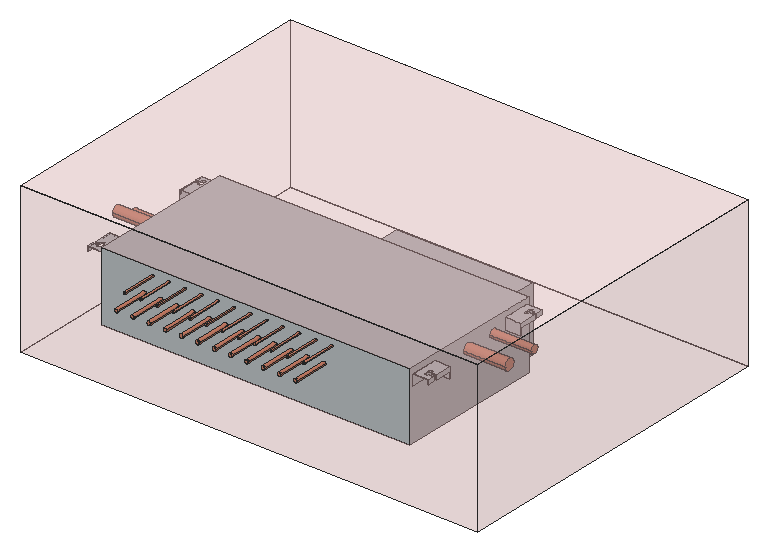
Revit family "CMB-M1012V-JA1(-TR)", category 機械設備, Revit 2016
Family settings
  ホスト = 天井
  パーツ タイプ = 標準
  丸型コネクタ寸法 = 半径を使用
  OmniClass 番号 = 23.75.00.00
  OmniClass タイトル = Climate Control (HVAC)
  常に垂直 = はい
  ロード時にボイドで切り取り = いいえ
  共有 = いいえ
  部屋の計算ポイント = いいえ
Parameters (values of type "CMB-M1012V-JA1(-TR)_240V_60Hz")
  説明 = "BC controller"
  製造元 = "Mitsubishi Electric Corporation"
  モデル = "CMB-M1012V-JA1(-TR)"
  Width = 1135.00 mm
  WarrantyStart = ""
  Voltage = 240 V
  Unit Weight (kg) = 60
  URL = "http://www.mitsubishielectric.com/"
  TagNumber = 0
  Subcategory = "HVAC"
  Space View = yes
  Sound Pressure Level (Rated operation) (dB(A)) = "50"
  Sound Pressure Level (Defrost) (dB(A)) = 56
  Sound Power Level (Rated operation) (dB(A)) = "68"
  Sound Power Level (Defrost) (dB(A)) = 74
  SerialNumber = 0
  ReplacementYear = ""
  Phase = 1
  Number of branch = 12
  InstallationDate = ""
  Indoor unit capacity connectable to 1 branch = "Model P/M80 or smaller\r\n(Use optional joint pipe combining 2 branches when the total unit capacity exceeds P/M81.)"
  Hertz = 60 Hz
  Height = 252.00 mm
  Heating Power Input (kW) = 0.09
  Heating Current (A) = 0.38
  External Finish = "Galvanized steel plate\r\n(Lower part drain pan: Pre-coated galvanized sheets + powder coating)"
  Equip_description = ""
  Equip_No. = 0
  Equip_ID = ""
  Drain pipe_radius = 16.00 mm
  Description = ""
  Depth = 622.00 mm
  CreatedOn = ""
  CreatedBy = ""
  Cooling Power Input (kW) = 0.186
  Cooling Current (A) = 0.78
  Connection pipe of outdoor/heat source unit to P850 to P900 (Low pressure)_radius = 20.64 mm
  Connection pipe of outdoor/heat source unit to P850 to P900 (High pressure)_radius = 14.29 mm
  Connection pipe of outdoor/heat source unit to P700 to P800 (Low pressure)_radius = 17.465 mm
  Connection pipe of outdoor/heat source unit to P700 to P800 (High pressure)_radius = 14.29 mm
  Connection pipe of outdoor/heat source unit to P650 (Low pressure)_radius = 14.29 mm
  Connection pipe of outdoor/heat source unit to P650 (High pressure)_radius = 14.29 mm
  Connection pipe of outdoor/heat source unit to P600 (Low pressure) radius = "14.29 or 17.465"
  Connection pipe of outdoor/heat source unit to P600 (High pressure) radius = "11.1 or 14.29"
  Connection pipe of outdoor/heat source unit to P550 (Low pressure)_radius = 14.29 mm
  Connection pipe of outdoor/heat source unit to P550 (High pressure) radius = "11.1 or 14.29"
  Connection pipe of outdoor/heat source unit to P400 to P500 (Low pressure)_radius = 14.29 mm
  Connection pipe of outdoor/heat source unit to P400 to P500 (High pressure)_radius = 11.10 mm
  Connection pipe of outdoor/heat source unit to P350 (Low pressure)_radius = 14.29 mm
  Connection pipe of outdoor/heat source unit to P350 (High pressure) radius = "9.525 or 11.1"
  Connection pipe of outdoor/heat source unit to P250/P300 (Low pressure)_radius = 11.10 mm
  Connection pipe of outdoor/heat source unit to P250/P300 (High pressure)_radius = 9.525 mm
  Connection pipe of outdoor/heat source unit to P200/M200 (Low pressure)_radius = 9.525 mm
  Connection pipe of outdoor/heat source unit to P200/M200 (High pressure)_radius = 7.94 mm
  Connection pipe of outdoor/heat source unit to M250/M300 (Low pressure)_radius = 11.10 mm
  Connection pipe of outdoor/heat source unit to M250/M300 (High pressure)_radius = 7.94 mm
  Connection pipe of other BC controller to P801 to P1000 (Low pressure Pipe)_radius = 20.64 mm
  Connection pipe of other BC controller to P801 to P1000 (Liquid Pipe)_radius = 9.525 mm
  Connection pipe of other BC controller to P801 to P1000 (High pressure Pipe)_radius = 14.29 mm
  Connection pipe of other BC controller to P651 to P800 (Low pressure Pipe)_radius = 17.465 mm
  Connection pipe of other BC controller to P651 to P800 (Liquid Pipe)_radius = 9.525 mm
  Connection pipe of other BC controller to P651 to P800 (High pressure Pipe)_radius = 14.29 mm
  Connection pipe of other BC controller to P601 to P650 (Low pressure Pipe)_radius = 14.29 mm
  Connection pipe of other BC controller to P601 to P650 (Liquid Pipe)_radius = 7.94 mm
  Connection pipe of other BC controller to P601 to P650 (High pressure Pipe)_radius = 14.29 mm
  Connection pipe of other BC controller to P401 to P600 (Low pressure Pipe)_radius = 14.29 mm
  Connection pipe of other BC controller to P401 to P600 (Liquid Pipe)_radius = 7.94 mm
  Connection pipe of other BC controller to P401 to P600 (High pressure Pipe)_radius = 11.10 mm
  Connection pipe of other BC controller to P351 to P400 (Low pressure Pipe)_radius = 14.29 mm
  Connection pipe of other BC controller to P351 to P400 (Liquid Pipe)_radius = 6.35 mm
  Connection pipe of other BC controller to P351 to P400 (High pressure Pipe)_radius = 11.10 mm
  Connection pipe of other BC controller to P301 to P350 (Low pressure Pipe)_radius = 14.29 mm
  Connection pipe of other BC controller to P301 to P350 (Liquid Pipe)_radius = 6.35 mm
  Connection pipe of other BC controller to P301 to P350 (High pressure Pipe)_radius = 9.525 mm
  Connection pipe of other BC controller to P201 to P300 (Low pressure Pipe)_radius = 11.10 mm
  Connection pipe of other BC controller to P201 to P300 (Liquid Pipe)_radius = 4.76 mm
  Connection pipe of other BC controller to P201 to P300 (High pressure Pipe)_radius = 9.525 mm
  Connection pipe of other BC controller to P200/M200 (Low pressure Pipe)_radius = 9.525 mm
  Connection pipe of other BC controller to P200/M200 (Liquid Pipe)_radius = 4.76 mm
  Connection pipe of other BC controller to P200/M200 (High pressure Pipe)_radius = 7.94 mm
  Connection pipe of other BC controller to P1001 ot above (High pressure Pipe)_radius = 17.465 mm
  Connection pipe of other BC controller to P1001 or above (Low pressure Pipe)_radius = 20.64 mm
  Connection pipe of other BC controller to P1001 or above (Liquid Pipe)_radius = 9.525 mm
  Connection pipe of other BC controller to M401 to M450 (Low pressure Pipe)_radius = 14.29 mm
  Connection pipe of other BC controller to M401 to M450 (Liquid Pipe)_radius = 7.94 mm
  Connection pipe of other BC controller to M401 to M450 (High pressure Pipe)_radius = 9.525 mm
  Connection pipe of other BC controller to M351 to M400 (Low pressure Pipe)_radius = 14.29 mm
  Connection pipe of other BC controller to M351 to M400 (Liquid Pipe)_radius = 6.35 mm
  Connection pipe of other BC controller to M351 to M400 (High pressure Pipe)_radius = 9.525 mm
  Connection pipe of other BC controller to M301 to M350 (Low pressure Pipe)_radius = 14.29 mm
  Connection pipe of other BC controller to M301 to M350 (Liquid Pipe)_radius = 6.35 mm
  Connection pipe of other BC controller to M301 to M350 (High pressure Pipe)_radius = 7.94 mm
  Connection pipe of other BC controller to M201 to M300 (Low pressure Pipe)_radius = 11.10 mm
  Connection pipe of other BC controller to M201 to M300 (Liquid Pipe)_radius = 4.76 mm
  Connection pipe of other BC controller to M201 to M300 (High pressure Pipe)_radius = 7.94 mm
  Connection pipe of indoor unit (Liquid Pipe)_radius (O.D.) = "Indoor unit Model 50 or smaller 3.175 Brazed\r\nbigger than 50 4.76 Brazed"
  Connection pipe of indoor unit (Gas Pipe)_radius (O.D.) = "Indoor unit Model 50 or smaller 6.35 Brazed\r\nbigger than 50 7.94 Brazed\r\n(9.525, 11.1 with optional joint pipe used.)"
  Connectable Outdoor/Heat source Unit Capacity = "P200 to P900/M200 to M300"
  Category = ""
  Barcode = ""
  AssetIdentifier = ""
Types (6, lengths in mm): name | Voltage | Hertz | Heating Power Input (kW) | Heating Current (A) | Cooling Power Input (kW) | Cooling Current (A)
  CMB-M1012V-JA1(-TR)_220V_50Hz | 220 V | 50 Hz | 0.09 | 0.42 | 0.186 | 0.85
  CMB-M1012V-JA1(-TR)_220V_60Hz | 220 V | 60 Hz | 0.072 | 0.33 | 0.15 | 0.69
  CMB-M1012V-JA1(-TR)_230V_50Hz | 230 V | 50 Hz | 0.102 | 0.44 | 0.211 | 0.92
  CMB-M1012V-JA1(-TR)_230V_60Hz | 230 V | 60 Hz | 0.081 | 0.36 | 0.168 | 0.74
  CMB-M1012V-JA1(-TR)_240V_50Hz | 240 V | 50 Hz | 0.114 | 0.48 | 0.236 | 0.99
  CMB-M1012V-JA1(-TR)_240V_60Hz | 240 V | 60 Hz | 0.09 | 0.38 | 0.186 | 0.78
Reference planes
  plane 1 "Center (Front/Back)": y = 0
  plane 2: z = 0
  plane 3 "Center (Left/Right)": x = 0
  plane 4 "Ceiling": z = 0
  plane 5: x = 18.001
  plane 6: x = -1461.999
  plane 7: y = -271.474
  plane 8: y = 272.5
  plane 9: y = -272.5
  plane 10: z = 452.005
  plane 11: z = 200.005
  plane 12: x = -567.5
  plane 13: x = 567.5
  plane 14 "attachment": z = 430.005
Forms (mm)
  Extrusion 1, solid, material "Plated steel"
    sketch origin (-719.999, 26, 4154.985) x (-1, 0, 0) y (0, -1, 0)
      loop
        line (-1287.499, 298.5) -> (-1287.499, -246.5) -> (-152.499, -246.5) -> (-152.499, 298.5) -> (-1287.499, 298.5)
    from -3954.98 to -3702.98
  Extrusion 2, solid, material "Plated steel"
    sketch origin (609.8, 1.043, 4125.43) x (-1, 0, 0) y (0, 0, 1)
      loop
        line (586.665, -3678.196) -> (88.3, -3678.196) -> (88.3, -3915.425) -> (586.665, -3915.425) -> (586.665, -3678.196)
    from 271.457 to 348.457
  Extrusion 3, solid, material "Copper"
    sketch origin (525.5, -272.5, 4151.796) x (-1, 0, 0) y (0, 0, -1)
      loop
        circle (905, 3724.791) r 3.175
    from 0 to 130
  Extrusion 4, solid, material "Copper"
    sketch origin (585.5, -272.5, 4151.796) x (-1, 0, 0) y (0, 0, -1)
      loop
        circle (905, 3724.791) r 3.175
    from 0 to 130
  Extrusion 5, solid, material "Copper"
    sketch origin (645.5, -272.5, 4151.796) x (-1, 0, 0) y (0, 0, -1)
      loop
        circle (905, 3724.791) r 3.175
    from 0 to 130
  Extrusion 6, solid, material "Copper"
    sketch origin (593.5, -272.5, 4151.796) x (-1, 0, 0) y (0, 0, -1)
      loop
        circle (793, 3724.791) r 3.175
    from 0 to 130
  Extrusion 7, solid, material "Copper"
    sketch origin (525.5, -272.5, 4151.796) x (-1, 0, 0) y (0, 0, -1)
      loop
        circle (935, 3792.791) r 6.35
    from 0 to 130
  Extrusion 8, solid, material "Copper"
    sketch origin (585.5, -272.5, 4151.796) x (-1, 0, 0) y (0, 0, -1)
      loop
        circle (935, 3792.791) r 6.35
    from 0 to 130
  Extrusion 9, solid, material "Copper"
    sketch origin (645.5, -272.5, 4151.796) x (-1, 0, 0) y (0, 0, -1)
      loop
        circle (935, 3792.791) r 6.35
    from 0 to 130
  Extrusion 10, solid, material "Copper"
    sketch origin (593.5, -272.5, 4151.796) x (-1, 0, 0) y (0, 0, -1)
      loop
        circle (823, 3792.791) r 6.35
    from 0 to 130
  Extrusion 11, solid, material "Copper"
    sketch origin (-567.5, 273, 4154.985) x (0, -1, 0) y (0, 0, 1)
      loop
        circle (281.5, -3749.98) r 19.05
    from 0 to 155
  Extrusion 12, solid, material "Copper"
    sketch origin (-567.5, 273, 4154.985) x (0, -1, 0) y (0, 0, 1)
      loop
        circle (203.5, -3793.98) r 17.465
    from 0 to 155
  Extrusion 13, solid
    sketch origin (-567.5, 273, 4154.985) x (0, -1, 0) y (0, 0, 1)
      loop
        circle (272.5, -3923.98) r 16
    from 0 to 20
  Extrusion 14, solid, material "Copper"
    sketch origin (653.5, -272.5, 4151.796) x (-1, 0, 0) y (0, 0, -1)
      loop
        circle (793, 3724.791) r 3.175
    from 0 to 130
  Extrusion 15, solid, material "Copper"
    sketch origin (653.5, -272.5, 4151.796) x (-1, 0, 0) y (0, 0, -1)
      loop
        circle (823, 3792.791) r 6.35
    from 0 to 130
  Extrusion 16, solid, material "Copper"
    sketch origin (713.5, -272.5, 4151.796) x (-1, 0, 0) y (0, 0, -1)
      loop
        circle (793, 3724.791) r 3.175
    from 0 to 130
  Extrusion 17, solid, material "Copper"
    sketch origin (713.5, -272.5, 4151.796) x (-1, 0, 0) y (0, 0, -1)
      loop
        circle (823, 3792.791) r 6.35
    from 0 to 130
  Extrusion 18, solid, material "Copper"
    sketch origin (773.5, -272.5, 4151.796) x (-1, 0, 0) y (0, 0, -1)
      loop
        circle (793, 3724.791) r 3.175
    from 0 to 130
  Extrusion 19, solid, material "Copper"
    sketch origin (773.5, -272.5, 4151.796) x (-1, 0, 0) y (0, 0, -1)
      loop
        circle (823, 3792.791) r 6.35
    from 0 to 130
  Extrusion 20, solid, material "Copper"
    sketch origin (833.5, -272.5, 4151.796) x (-1, 0, 0) y (0, 0, -1)
      loop
        circle (793, 3724.791) r 3.175
    from 0 to 130
  Extrusion 21, solid, material "Copper"
    sketch origin (833.5, -272.5, 4151.796) x (-1, 0, 0) y (0, 0, -1)
      loop
        circle (823, 3792.791) r 6.35
    from 0 to 130
  Extrusion 22, solid, material "Copper"
    sketch origin (893.5, -272.5, 4151.796) x (-1, 0, 0) y (0, 0, -1)
      loop
        circle (793, 3724.791) r 3.175
    from 0 to 130
  Extrusion 23, solid, material "Copper"
    sketch origin (893.5, -272.5, 4151.796) x (-1, 0, 0) y (0, 0, -1)
      loop
        circle (823, 3792.791) r 6.35
    from 0 to 130
  Extrusion 24, solid, material "Copper"
    sketch origin (953.5, -272.5, 4151.796) x (-1, 0, 0) y (0, 0, -1)
      loop
        circle (793, 3724.791) r 3.175
    from 0 to 130
  Extrusion 25, solid, material "Copper"
    sketch origin (953.5, -272.5, 4151.796) x (-1, 0, 0) y (0, 0, -1)
      loop
        circle (823, 3792.791) r 6.35
    from 0 to 130
  Extrusion 26, solid, material "Copper"
    sketch origin (1013.5, -272.5, 4151.796) x (-1, 0, 0) y (0, 0, -1)
      loop
        circle (793, 3724.791) r 3.175
    from 0 to 130
  Extrusion 27, solid, material "Copper"
    sketch origin (1013.5, -272.5, 4151.796) x (-1, 0, 0) y (0, 0, -1)
      loop
        circle (823, 3792.791) r 6.35
    from 0 to 130
  Extrusion 28, solid, material "Copper"
    sketch origin (1073.5, -272.5, 4151.796) x (-1, 0, 0) y (0, 0, -1)
      loop
        circle (793, 3724.791) r 3.175
    from 0 to 130
  Extrusion 29, solid, material "Copper"
    sketch origin (1073.5, -272.5, 4151.796) x (-1, 0, 0) y (0, 0, -1)
      loop
        circle (823, 3792.791) r 6.35
    from 0 to 130
  Extrusion 30, solid, material "Copper"
    sketch origin (567.5, 273, 4154.985) x (0, -1, 0) y (0, 0, -1)
      loop
        circle (281.5, 3749.98) r 19.05
    from 0 to 155
  Extrusion 31, solid, material "Copper"
    sketch origin (567.5, 273, 4154.985) x (0, -1, 0) y (0, 0, -1)
      loop
        circle (166.5, 3749.98) r 14.29
    from 0 to 155
  Extrusion 32, solid, material "Copper"
    sketch origin (567.5, 273, 4154.985) x (0, -1, 0) y (0, 0, -1)
      loop
        circle (220.5, 3799.98) r 9.525
    from 0 to 80
  Extrusion 33, solid, material "Service space", visible <- "Space View"
    sketch origin (-522.645, 0, 0) x (1, 0, 0) y (0, 1, 0)
      loop
        line (-344.855, -272.5) -> (1340.145, -272.5) -> (1340.145, 972.5) -> (-344.855, 972.5) -> (-344.855, -272.5)
    from 0 to 552
Lines and regions (mm)
  model lines, visible <- "Space View"
    curve 1: line (224.5, 972.5, 0) -> (-225.5, 972.5, 0)
    curve 2: line (224.5, 522.5, 0) -> (224.5, 972.5, 0)
    curve 3: line (-225.5, 522.5, 0) -> (224.5, 522.5, 0)
    curve 4: line (-225.5, 972.5, 0) -> (-225.5, 522.5, 0)
    curve 5: line (-225.5, 522.5, 0) -> (224.5, 972.5, 0)
    curve 6: line (224.5, 522.5, 0) -> (-225.5, 972.5, 0)
Dimensions and locks
  equal spacing: host sketch curve, plane 3 "Center (Left/Right)", host sketch curve
  equal spacing: host sketch curve, plane 1 "Center (Front/Back)", host sketch curve
  host sketch curve to host sketch curve = 4000.00 mm  (x2)
  locked: plane 4 "Ceiling" to host ceiling at 0
  Extrusion 1 sketch curve to Extrusion 1 sketch curve = 1135.00 mm  (x2)
  Extrusion 1 sketch curve to Extrusion 1 sketch curve = 545.00 mm
  locked: Extrusion 2 to Extrusion 2 at 77
  Extrusion 1 to Extrusion 3 sketch curve = 188.00 mm
  Extrusion 1 to Extrusion 7 sketch curve = 158.00 mm
  Extrusion 11 sketch curve to Extrusion 1 = 264.00 mm
  Extrusion 1 to Extrusion 11 sketch curve = 47.00 mm
  Extrusion 12 sketch curve to Extrusion 1 = 342.00 mm
  Extrusion 1 to Extrusion 12 sketch curve = 91.00 mm
  Extrusion 13 sketch curve to Extrusion 1 = 273.00 mm
  Extrusion 1 to Extrusion 1 = 252.00 mm  (x2)
  Extrusion 1 to level = 200.005 mm
  Extrusion 1 to Extrusion 13 = 221.00 mm
  Extrusion 1 to Extrusion 13 sketch curve = 221.00 mm
  Extrusion 1 to Extrusion 12 = 91.00 mm
  equal spacing: Extrusion 1, plane 3 "Center (Left/Right)", Extrusion 1
  "Width": Extrusion 1 to Extrusion 1
  curve 4 to curve 2 = 450.00 mm
  Extrusion 1 to curve 3 = 250.00 mm
  locked: nested 1 to nested 2 at 463
  locked: Extrusion 1 to Extrusion 1 at 545
  equal spacing: Extrusion 1, plane 1 "Center (Front/Back)", Extrusion 1
  plane 14 "attachment" to Extrusion 1 = 22.00 mm
  locked: Extrusion 6 to Extrusion 1 at 130
  curve 3 to Extrusion 1 = 250.00 mm
  curve 3 to curve 1 = 450.00 mm
  nested 4 to nested 2 = 1207.00 mm
  Extrusion 1 to Extrusion 30 sketch curve = 264.00 mm
  Extrusion 1 to Extrusion 30 sketch curve = 47.00 mm
  Extrusion 1 to Extrusion 31 sketch curve = 379.00 mm
  Extrusion 1 to Extrusion 31 sketch curve = 47.00 mm
  Extrusion 1 to Extrusion 32 sketch curve = 325.00 mm
  Extrusion 1 to Extrusion 32 sketch curve = 97.00 mm
  locked: Extrusion 1 to Extrusion 33 at 250
  Extrusion 33 to Extrusion 1 = 300.00 mm
  Extrusion 33 sketch curve to Extrusion 1 = 300.00 mm
  Extrusion 33 sketch curve to Extrusion 1 = 700.00 mm
  Extrusion 33 to Extrusion 1 = 700.00 mm
  curve 2 to Extrusion 1 = 343.00 mm
  diameter of Extrusion 3 sketch curve = 6.35 mm
  diameter of Extrusion 4 sketch curve = 6.35 mm
  diameter of Extrusion 5 sketch curve = 6.35 mm
  diameter of Extrusion 6 sketch curve = 6.35 mm
  diameter of Extrusion 7 sketch curve = 12.70 mm
  diameter of Extrusion 8 sketch curve = 12.70 mm
  diameter of Extrusion 9 sketch curve = 12.70 mm
  diameter of Extrusion 10 sketch curve = 12.70 mm
  diameter of Extrusion 11 sketch curve = 38.10 mm
  diameter of Extrusion 12 sketch curve = 34.93 mm
  diameter of Extrusion 13 sketch curve = 32.00 mm
  diameter of Extrusion 11 = 38.10 mm
  diameter of Extrusion 12 = 34.93 mm
  diameter of Extrusion 13 = 32.00 mm
  diameter of Extrusion 14 sketch curve = 6.35 mm
  diameter of Extrusion 15 sketch curve = 12.70 mm
  diameter of Extrusion 16 sketch curve = 6.35 mm
  diameter of Extrusion 17 sketch curve = 12.70 mm
  diameter of Extrusion 18 sketch curve = 6.35 mm
  diameter of Extrusion 19 sketch curve = 12.70 mm
  diameter of Extrusion 20 sketch curve = 6.35 mm
  diameter of Extrusion 21 sketch curve = 12.70 mm
  diameter of Extrusion 22 sketch curve = 6.35 mm
  diameter of Extrusion 23 sketch curve = 12.70 mm
  diameter of Extrusion 24 sketch curve = 6.35 mm
  diameter of Extrusion 25 sketch curve = 12.70 mm
  diameter of Extrusion 26 sketch curve = 6.35 mm
  diameter of Extrusion 27 sketch curve = 12.70 mm
  diameter of Extrusion 28 sketch curve = 6.35 mm
  diameter of Extrusion 29 sketch curve = 12.70 mm
  aligned and locked: Extrusion 2 to Extrusion 1
  aligned and locked: plane 14 "attachment" to nested 1
  aligned and locked: nested 2 to plane 14 "attachment"
Automatic sketch dimensions
  plane 9 to Extrusion 1 sketch curve = 0.00 mm
  plane 10 to Extrusion 2 sketch curve = 4.77 mm
  Extrusion 2 sketch curve to plane 11 = 10.00 mm
  Extrusion 1 to Extrusion 3 sketch curve = 25.00 mm
  Extrusion 1 to Extrusion 4 sketch curve = 25.00 mm
  Extrusion 4 sketch curve to Extrusion 1 = 248.00 mm
  Extrusion 1 to Extrusion 5 sketch curve = 25.00 mm
  Extrusion 5 sketch curve to Extrusion 1 = 308.00 mm
  Extrusion 1 to Extrusion 7 sketch curve = 93.00 mm
  Extrusion 8 sketch curve to Extrusion 1 = 218.00 mm
  Extrusion 1 to Extrusion 8 sketch curve = 93.00 mm
  Extrusion 1 to Extrusion 9 sketch curve = 93.00 mm
  Extrusion 9 sketch curve to Extrusion 1 = 278.00 mm
  plane 3 "Center (Left/Right)" to Extrusion 2 sketch curve = 23.135 mm
  plane 5 to Extrusion 1 sketch curve = 549.499 mm
  plane 3 "Center (Left/Right)" to Extrusion 2 sketch curve = 521.50 mm
  curve 3 to plane 8 = 250.00 mm
  plane 9 to Extrusion 33 sketch curve = 0.00 mm
  plane 13 to Extrusion 33 sketch curve = 250.00 mm
  radius of Extrusion 30 sketch curve = 19.05 mm
  radius of Extrusion 31 sketch curve = 14.29 mm
  radius of Extrusion 32 sketch curve = 9.525 mm
Nested families
  nested 1: "LEG" at (604.5, 231.5, 432.305) x (0, 1, 0) z (0, 0, 1), type "LEG"
  nested 2: "LEG" at (604.5, -231.5, 432.305) x (0, -1, 0) z (0, 0, 1), type "LEG"
  nested 3: "LEG" at (-604.5, 231.5, 432.305) x (0, 1, 0) z (0, 0, 1), type "LEG"
  nested 4: "LEG" at (-604.5, -231.5, 432.305) x (0, -1, 0) z (0, 0, 1), type "LEG"
Connectors
  piping at (-379.5, -402.5, 427.005), diameter 6.36
    settings: on Extrusion 3, index 1, connector inside diameter 609.6 mm, connector length 0.00 mm, flow factor 0, pipe flow 0.0 L/s, pressure drop 0.0 Pa, fitting loss kfactor 0, connector angle 0.00°, fixture units 0, engagement length 0.00 mm, angle of deflection 0.00°, flow configuration 0, flow direction 0, fitting loss method 0, system type 22, joint type 0, gender type 0, connector reference index -1, connector utility 0, adjustable connector no, is connector primary yes, connector description "indoor unit (Liquid)"
  piping at (-319.5, -402.5, 427.005), diameter 6.36
    settings: on Extrusion 4, index 2, connector inside diameter 609.6 mm, connector length 0.00 mm, flow factor 0, pipe flow 0.0 L/s, pressure drop 0.0 Pa, fitting loss kfactor 0, connector angle 0.00°, fixture units 0, engagement length 0.00 mm, angle of deflection 0.00°, flow configuration 0, flow direction 0, fitting loss method 0, system type 22, joint type 0, gender type 0, connector reference index -1, connector utility 0, adjustable connector no, is connector primary no, connector description "indoor unit (Liquid)"
  piping at (-259.5, -402.5, 427.005), diameter 6.36
    settings: on Extrusion 5, index 3, connector inside diameter 609.6 mm, connector length 0.00 mm, flow factor 0, pipe flow 0.0 L/s, pressure drop 0.0 Pa, fitting loss kfactor 0, connector angle 0.00°, fixture units 0, engagement length 0.00 mm, angle of deflection 0.00°, flow configuration 0, flow direction 0, fitting loss method 0, system type 22, joint type 0, gender type 0, connector reference index -1, connector utility 0, adjustable connector no, is connector primary no, connector description "indoor unit (Liquid)"
  piping at (-199.5, -402.5, 427.005), diameter 6.36
    settings: on Extrusion 6, index 4, connector inside diameter 609.6 mm, connector length 0.00 mm, flow factor 0, pipe flow 0.0 L/s, pressure drop 0.0 Pa, fitting loss kfactor 0, connector angle 0.00°, fixture units 0, engagement length 0.00 mm, angle of deflection 0.00°, flow configuration 0, flow direction 0, fitting loss method 0, system type 22, joint type 0, gender type 0, connector reference index -1, connector utility 0, adjustable connector no, is connector primary no, connector description "indoor unit (Liquid)"
  piping at (-409.5, -402.5, 359.005), diameter 12.7
    settings: on Extrusion 7, index 9, connector inside diameter 609.6 mm, connector length 0.00 mm, flow factor 0, pipe flow 0.0 L/s, pressure drop 0.0 Pa, fitting loss kfactor 0, connector angle 0.00°, fixture units 0, engagement length 0.00 mm, angle of deflection 0.00°, flow configuration 0, flow direction 0, fitting loss method 0, system type 22, joint type 0, gender type 0, connector reference index -1, connector utility 0, adjustable connector no, is connector primary no, connector description "indoor unit (Gas)"
  piping at (-349.5, -402.5, 359.005), diameter 12.7
    settings: on Extrusion 8, index 10, connector inside diameter 609.6 mm, connector length 0.00 mm, flow factor 0, pipe flow 0.0 L/s, pressure drop 0.0 Pa, fitting loss kfactor 0, connector angle 0.00°, fixture units 0, engagement length 0.00 mm, angle of deflection 0.00°, flow configuration 0, flow direction 0, fitting loss method 0, system type 22, joint type 0, gender type 0, connector reference index -1, connector utility 0, adjustable connector no, is connector primary no, connector description "indoor unit (Gas)"
  piping at (-289.5, -402.5, 359.005), diameter 12.7
    settings: on Extrusion 9, index 11, connector inside diameter 609.6 mm, connector length 0.00 mm, flow factor 0, pipe flow 0.0 L/s, pressure drop 0.0 Pa, fitting loss kfactor 0, connector angle 0.00°, fixture units 0, engagement length 0.00 mm, angle of deflection 0.00°, flow configuration 0, flow direction 0, fitting loss method 0, system type 22, joint type 0, gender type 0, connector reference index -1, connector utility 0, adjustable connector no, is connector primary no, connector description "indoor unit (Gas)"
  piping at (-229.5, -402.5, 359.005), diameter 12.7
    settings: on Extrusion 10, index 12, connector inside diameter 609.6 mm, connector length 0.00 mm, flow factor 0, pipe flow 0.0 L/s, pressure drop 0.0 Pa, fitting loss kfactor 0, connector angle 0.00°, fixture units 0, engagement length 0.00 mm, angle of deflection 0.00°, flow configuration 0, flow direction 0, fitting loss method 0, system type 22, joint type 0, gender type 0, connector reference index -1, connector utility 0, adjustable connector no, is connector primary no, connector description "indoor unit (Gas)"
  piping at (-722.5, -8.5, 405.005), diameter 38.1
    settings: on Extrusion 11, index 17, connector inside diameter 609.6 mm, connector length 0.00 mm, flow factor 0, pipe flow 0.0 L/s, pressure drop 0.0 Pa, fitting loss kfactor 0, connector angle 0.00°, fixture units 0, engagement length 0.00 mm, angle of deflection 0.00°, flow configuration 0, flow direction 0, fitting loss method 0, system type 22, joint type 0, gender type 0, connector reference index -1, connector utility 0, adjustable connector no, is connector primary no, connector description "outdoor unit(Low pressure)"
  piping at (-722.5, 69.5, 361.005), diameter 34.94
    settings: on Extrusion 12, index 19, connector inside diameter 609.6 mm, connector length 0.00 mm, flow factor 0, pipe flow 0.0 L/s, pressure drop 0.0 Pa, fitting loss kfactor 0, connector angle 0.00°, fixture units 0, engagement length 0.00 mm, angle of deflection 0.00°, flow configuration 0, flow direction 0, fitting loss method 0, system type 22, joint type 0, gender type 0, connector reference index -1, connector utility 0, adjustable connector no, is connector primary no, connector description "outdoor unit(High pressure)"
  piping at (-587.5, 0.5, 231.005), diameter 32
    settings: on Extrusion 13, index 20, connector inside diameter 609.6 mm, connector length 0.00 mm, flow factor 0, pipe flow 0.0 L/s, pressure drop 0.0 Pa, fitting loss kfactor 0, connector angle 0.00°, fixture units 0, engagement length 0.00 mm, angle of deflection 0.00°, flow configuration 0, flow direction 2, fitting loss method 0, system type 22, joint type 0, gender type 0, connector reference index -1, connector utility 0, adjustable connector no, is connector primary no, connector description "Drain"
  electrical at (521.5, 311, 328.62), driven by "Phase", driven by "Voltage"
    settings: on Extrusion 2, index 21, voltage 240 V, apparent load 0 VA, apparent load phase1 0 VA, apparent load phase2 0 VA, apparent load phase3 0 VA, power factor 1, load classification "その他", number of poles 1, system type 30, power factor state 1, is connector primary yes, connector utility no, sub classification motor no, connector description ""
  piping at (-139.5, -402.5, 427.005), diameter 6.36
    settings: on Extrusion 14, index 22, connector inside diameter 609.6 mm, connector length 0.00 mm, flow factor 0, pipe flow 0.0 L/s, pressure drop 0.0 Pa, fitting loss kfactor 0, connector angle 0.00°, fixture units 0, engagement length 0.00 mm, angle of deflection 0.00°, flow configuration 0, flow direction 0, fitting loss method 0, system type 22, joint type 0, gender type 0, connector reference index -1, connector utility 0, adjustable connector no, is connector primary no, connector description "indoor unit (Liquid)"
  piping at (-79.5, -402.5, 427.005), diameter 6.36
    settings: on Extrusion 16, index 23, connector inside diameter 609.6 mm, connector length 0.00 mm, flow factor 0, pipe flow 0.0 L/s, pressure drop 0.0 Pa, fitting loss kfactor 0, connector angle 0.00°, fixture units 0, engagement length 0.00 mm, angle of deflection 0.00°, flow configuration 0, flow direction 0, fitting loss method 0, system type 23, joint type 0, gender type 0, connector reference index -1, connector utility 0, adjustable connector no, is connector primary no, connector description "indoor unit (Liquid)"
  piping at (-19.5, -402.5, 427.005), diameter 6.36
    settings: on Extrusion 18, index 24, connector inside diameter 609.6 mm, connector length 0.00 mm, flow factor 0, pipe flow 0.0 L/s, pressure drop 0.0 Pa, fitting loss kfactor 0, connector angle 0.00°, fixture units 0, engagement length 0.00 mm, angle of deflection 0.00°, flow configuration 0, flow direction 0, fitting loss method 0, system type 22, joint type 0, gender type 0, connector reference index -1, connector utility 0, adjustable connector no, is connector primary no, connector description "indoor unit (Liquid)"
  piping at (40.5, -402.5, 427.005), diameter 6.36
    settings: on Extrusion 20, index 25, connector inside diameter 609.6 mm, connector length 0.00 mm, flow factor 0, pipe flow 0.0 L/s, pressure drop 0.0 Pa, fitting loss kfactor 0, connector angle 0.00°, fixture units 0, engagement length 0.00 mm, angle of deflection 0.00°, flow configuration 0, flow direction 0, fitting loss method 0, system type 22, joint type 0, gender type 0, connector reference index -1, connector utility 0, adjustable connector no, is connector primary no, connector description "indoor unit (Liquid)"
  piping at (100.5, -402.5, 427.005), diameter 6.36
    settings: on Extrusion 22, index 26, connector inside diameter 609.6 mm, connector length 0.00 mm, flow factor 0, pipe flow 0.0 L/s, pressure drop 0.0 Pa, fitting loss kfactor 0, connector angle 0.00°, fixture units 0, engagement length 0.00 mm, angle of deflection 0.00°, flow configuration 0, flow direction 0, fitting loss method 0, system type 22, joint type 0, gender type 0, connector reference index -1, connector utility 0, adjustable connector no, is connector primary no, connector description "indoor unit (Liquid)"
  piping at (160.5, -402.5, 427.005), diameter 6.36
    settings: on Extrusion 24, index 27, connector inside diameter 609.6 mm, connector length 0.00 mm, flow factor 0, pipe flow 0.0 L/s, pressure drop 0.0 Pa, fitting loss kfactor 0, connector angle 0.00°, fixture units 0, engagement length 0.00 mm, angle of deflection 0.00°, flow configuration 0, flow direction 0, fitting loss method 0, system type 22, joint type 0, gender type 0, connector reference index -1, connector utility 0, adjustable connector no, is connector primary no, connector description "indoor unit (Liquid)"
  piping at (220.5, -402.5, 427.005), diameter 6.36
    settings: on Extrusion 26, index 28, connector inside diameter 609.6 mm, connector length 0.00 mm, flow factor 0, pipe flow 0.0 L/s, pressure drop 0.0 Pa, fitting loss kfactor 0, connector angle 0.00°, fixture units 0, engagement length 0.00 mm, angle of deflection 0.00°, flow configuration 0, flow direction 0, fitting loss method 0, system type 22, joint type 0, gender type 0, connector reference index -1, connector utility 0, adjustable connector no, is connector primary no, connector description "indoor unit (Liquid)"
  piping at (-169.5, -402.5, 359.005), diameter 12.7
    settings: on Extrusion 15, index 30, connector inside diameter 609.6 mm, connector length 0.00 mm, flow factor 0, pipe flow 0.0 L/s, pressure drop 0.0 Pa, fitting loss kfactor 0, connector angle 0.00°, fixture units 0, engagement length 0.00 mm, angle of deflection 0.00°, flow configuration 0, flow direction 0, fitting loss method 0, system type 22, joint type 0, gender type 0, connector reference index -1, connector utility 0, adjustable connector no, is connector primary no, connector description "indoor unit (Gas)"
  piping at (-109.5, -402.5, 359.005), diameter 12.7
    settings: on Extrusion 17, index 31, connector inside diameter 609.6 mm, connector length 0.00 mm, flow factor 0, pipe flow 0.0 L/s, pressure drop 0.0 Pa, fitting loss kfactor 0, connector angle 0.00°, fixture units 0, engagement length 0.00 mm, angle of deflection 0.00°, flow configuration 0, flow direction 0, fitting loss method 0, system type 22, joint type 0, gender type 0, connector reference index -1, connector utility 0, adjustable connector no, is connector primary no, connector description "indoor unit (Gas)"
  piping at (-49.5, -402.5, 359.005), diameter 12.7
    settings: on Extrusion 19, index 32, connector inside diameter 609.6 mm, connector length 0.00 mm, flow factor 0, pipe flow 0.0 L/s, pressure drop 0.0 Pa, fitting loss kfactor 0, connector angle 0.00°, fixture units 0, engagement length 0.00 mm, angle of deflection 0.00°, flow configuration 0, flow direction 0, fitting loss method 0, system type 22, joint type 0, gender type 0, connector reference index -1, connector utility 0, adjustable connector no, is connector primary no, connector description "indoor unit (Gas)"
  piping at (10.5, -402.5, 359.005), diameter 12.7
    settings: on Extrusion 21, index 33, connector inside diameter 609.6 mm, connector length 0.00 mm, flow factor 0, pipe flow 0.0 L/s, pressure drop 0.0 Pa, fitting loss kfactor 0, connector angle 0.00°, fixture units 0, engagement length 0.00 mm, angle of deflection 0.00°, flow configuration 0, flow direction 0, fitting loss method 0, system type 22, joint type 0, gender type 0, connector reference index -1, connector utility 0, adjustable connector no, is connector primary no, connector description "indoor unit (Gas)"
  piping at (70.5, -402.5, 359.005), diameter 12.7
    settings: on Extrusion 23, index 34, connector inside diameter 609.6 mm, connector length 0.00 mm, flow factor 0, pipe flow 0.0 L/s, pressure drop 0.0 Pa, fitting loss kfactor 0, connector angle 0.00°, fixture units 0, engagement length 0.00 mm, angle of deflection 0.00°, flow configuration 0, flow direction 0, fitting loss method 0, system type 22, joint type 0, gender type 0, connector reference index -1, connector utility 0, adjustable connector no, is connector primary no, connector description "indoor unit (Gas)"
  piping at (130.5, -402.5, 359.005), diameter 12.7
    settings: on Extrusion 25, index 35, connector inside diameter 609.6 mm, connector length 0.00 mm, flow factor 0, pipe flow 0.0 L/s, pressure drop 0.0 Pa, fitting loss kfactor 0, connector angle 0.00°, fixture units 0, engagement length 0.00 mm, angle of deflection 0.00°, flow configuration 0, flow direction 0, fitting loss method 0, system type 22, joint type 0, gender type 0, connector reference index -1, connector utility 0, adjustable connector no, is connector primary no, connector description "indoor unit (Gas)"
  piping at (190.5, -402.5, 359.005), diameter 12.7
    settings: on Extrusion 27, index 36, connector inside diameter 609.6 mm, connector length 0.00 mm, flow factor 0, pipe flow 0.0 L/s, pressure drop 0.0 Pa, fitting loss kfactor 0, connector angle 0.00°, fixture units 0, engagement length 0.00 mm, angle of deflection 0.00°, flow configuration 0, flow direction 0, fitting loss method 0, system type 22, joint type 0, gender type 0, connector reference index -1, connector utility 0, adjustable connector no, is connector primary no, connector description "indoor unit (Gas)"
  piping at (280.5, -402.5, 427.005), diameter 6.36
    settings: on Extrusion 28, index 37, connector inside diameter 609.6 mm, connector length 0.00 mm, flow factor 0, pipe flow 0.0 L/s, pressure drop 0.0 Pa, fitting loss kfactor 0, connector angle 0.00°, fixture units 0, engagement length 0.00 mm, angle of deflection 0.00°, flow configuration 0, flow direction 0, fitting loss method 0, system type 22, joint type 0, gender type 0, connector reference index -1, connector utility 0, adjustable connector no, is connector primary no, connector description "indoor unit (Liquid)"
  piping at (250.5, -402.5, 359.005), diameter 12.7
    settings: on Extrusion 29, index 46, connector inside diameter 609.6 mm, connector length 0.00 mm, flow factor 0, pipe flow 0.0 L/s, pressure drop 0.0 Pa, fitting loss kfactor 0, connector angle 0.00°, fixture units 0, engagement length 0.00 mm, angle of deflection 0.00°, flow configuration 0, flow direction 0, fitting loss method 0, system type 22, joint type 0, gender type 0, connector reference index -1, connector utility 0, adjustable connector no, is connector primary no, connector description "indoor unit (Gas)"
  piping at (722.5, -8.5, 405.005), diameter 38.1
    settings: on Extrusion 30, index 47, connector inside diameter 609.6 mm, connector length 0.00 mm, flow factor 0, pipe flow 0.0 L/s, pressure drop 0.0 Pa, fitting loss kfactor 0, connector angle 0.00°, fixture units 0, engagement length 0.00 mm, angle of deflection 0.00°, flow configuration 0, flow direction 0, fitting loss method 0, system type 22, joint type 0, gender type 0, connector reference index -1, connector utility 0, adjustable connector no, is connector primary no, connector description "SUB BC CONTROLLER(Low pressure)"
  piping at (722.5, 106.5, 405.005), diameter 28.58
    settings: on Extrusion 31, index 48, connector inside diameter 609.6 mm, connector length 0.00 mm, flow factor 0, pipe flow 0.0 L/s, pressure drop 0.0 Pa, fitting loss kfactor 0, connector angle 0.00°, fixture units 0, engagement length 0.00 mm, angle of deflection 0.00°, flow configuration 0, flow direction 0, fitting loss method 0, system type 22, joint type 0, gender type 0, connector reference index -1, connector utility 0, adjustable connector no, is connector primary no, connector description "SUB BC CONTROLLER(High pressure)"
  piping at (647.5, 52.5, 355.005), diameter 19.06
    settings: on Extrusion 32, index 49, connector inside diameter 609.6 mm, connector length 0.00 mm, flow factor 0, pipe flow 0.0 L/s, pressure drop 0.0 Pa, fitting loss kfactor 0, connector angle 0.00°, fixture units 0, engagement length 0.00 mm, angle of deflection 0.00°, flow configuration 0, flow direction 0, fitting loss method 0, system type 22, joint type 0, gender type 0, connector reference index -1, connector utility 0, adjustable connector no, is connector primary no, connector description "SUB BC CONTROLLER(Liquid)"
Definition of nested family "LEG"
  Parameters (values of type "LEG_28")
    product distance = 28.00 mm
  Types (2): name
    LEG_28
    Leg
  Reference planes
    plane 1: z = 0
    plane 2 "中心(左/右)": x = 0
    plane 3: x = 30
    plane 4: y = -23
    plane 5: y = 28
    plane 6: x = -8
    plane 7: x = 8
    plane 8: x = -6
    plane 9: x = 6
    plane 10: y = 37
    plane 11: y = 35
    plane 12: y = 1
  Forms (mm)
    Extrusion 1, solid
      sketch origin (0, 0, 0) x (1, 0, 0) y (0, 1, 0)
        loop
          line (-69.369, 37) -> (-69.369, -23) -> (30, -23) -> (30, 37) -> (-69.369, 37)
      from 0 to -41
    Extrusion 2, void
      sketch origin (0, 0, 0) x (0, 1, 0) y (0, 0, 1)
        loop
          line (-20.7, -2.3) -> (-20.7, -15) -> (-23, -15) -> (-23, -60) -> (35, -60) -> (35, -2.3) -> (-20.7, -2.3)
      from -67.197 to 30
    Extrusion 3, void
      sketch origin (0, 0, 0) x (1, 0, 0) y (0, 1, 0)
        loop
          arc (-8, 8) -> (-15, 1) -> (-8, -6) r 7
          line (-8, -6) -> (-6, -6) -> (-6, -23) -> (6, -23) -> (6, -6) -> (8, -6)
          arc (8, -6) -> (15, 1) -> (8, 8) r 7
          line (8, 8) -> (-8, 8)
      from 0 to -60
  Cuts and joins
    Extrusion 2, Extrusion 3 cuts Extrusion 1
  Dimensions and locks
    Extrusion 1 sketch curve to Extrusion 1 sketch curve = 99.369 mm
    Extrusion 1 sketch curve to plane 2 "中心(左/右)" to Extrusion 1 sketch curve = 69.369 mm, 30.00 mm
    Extrusion 2 sketch curve to plane 5 = 7.00 mm
    locked: cut or joined group of Extrusion 1, Extrusion 2, Extrusion 3 to cut or joined group of Extrusion 1, Extrusion 2, Extrusion 3 at 2.3  (x2)
    plane 2 "中心(左/右)" to cut or joined group of Extrusion 1, Extrusion 2, Extrusion 3 = 30.00 mm
    aligned and locked: level to plane 1
